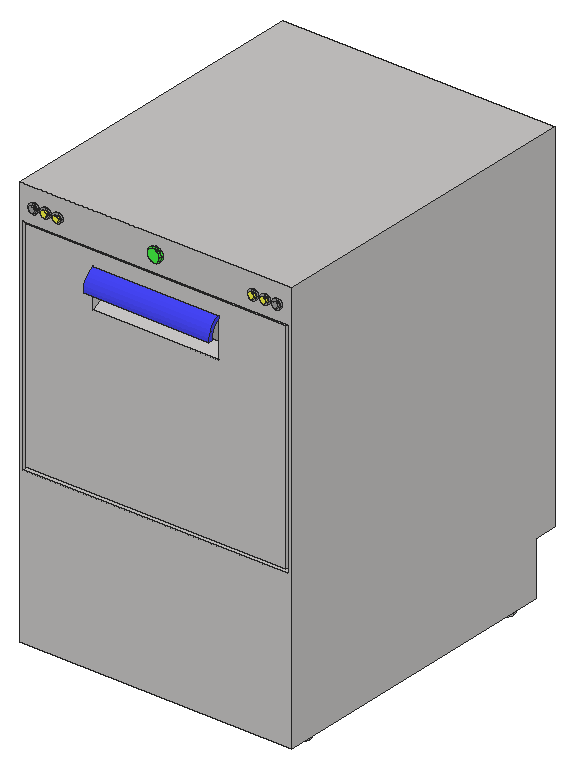
Revit family "QF_ZANUSSI_402290_ESG", category Specialty Equipment, Revit 2018
Family settings
  Round Connector Dimension = Use Diameter
  Part Type = Normal
  Work Plane-Based = No
  Always vertical = Yes
  Cut with Voids When Loaded = No
  Shared = No
  Room Calculation Point = No
Parameters (values of type "Standard")
  Weight = 38.00 kg
  Watts = 250.838 W
  Volts = 220 V
  URL Manufacturer = "http://professional.electrolux.com"
  URL = "http://professional.electrolux.com"
  Steam Supply Size = 0 mm
  Steam Supply Minimum Pressure = 0.0 Pa
  Steam Supply Maximum Pressure = 0.0 Pa
  Steam Pounds per Hour = 0
  Show Logo [instance] = yes
  Show Clearance [instance] = yes
  Refrigeration Suction Line Size = 0 mm
  Refrigeration Liquid Line Size = 0 mm
  Refrigerant Compressor Remote = yes
  Manufacturer = "Electrolux Professional"
  Phase = 1
  Model = "ESG"
  Length Actual = 455 mm  # constant formula
  Item Number = "402290"
  Hot Water Size = 0 mm
  Height Actual = 700 mm  # constant formula
  HP = "3.6 HP"
  Gas Size = 0 mm
  Gas KW = 0
  Gas Input Pressure = 0 W
  Description = "GLASSWASHER(S), SINGLE SKIN, DRAIN PUMP, DETERGENT DISPENSER, 30B/H"
  Depth Actual = 550 mm  # constant formula
  Cycle = 50 Hz
  Condensate Return Size = 0 mm
  Compressed Air Volume = 0.0 L/s
  Compressed Air Size = 0 mm
  Compressed Air Pressure = 0.0 Pa
  Cold Water Size = 19.05 mm
  Accessory = yes
Types (2, lengths in mm): name | URL | Manufacturer | Phase | Model | Description | Cold Water Size
  (no name) | "http://professional.electrolux.com/" | 0 | 0 | 0 | 0 | 0
  Standard | "http://professional.electrolux.com" | "Electrolux Professional" | 1 | "ESG" | "GLASSWASHER(S), SINGLE SKIN, DRAIN PUMP, DETERGENT DISPENSER, 30B/H" | 19.05
Values of the unnamed type that differ from the named types
  Watts = 0 W
  Volts = 0 V
  URL Manufacturer = ""
  Item Number = ""
  HP = ""
  Cycle = 0 Hz
Reference planes
  plane 1 "Center (Front/Back)": y = 0
  plane 2: z = 0
  plane 3 "Center (Left/Right)": x = 0
  plane 4 "LEFT": x = -227.5
  plane 5 "RIGHT": x = 227.5
  plane 6 "FRONT": y = -275
  plane 7 "BACK": y = 275
  plane 8: z = 700
  plane 9: z = 10
  plane 10: y = 236
Forms (mm)
  Extrusion 1, solid, material "QF_Finishes_Stainless Steel"
    sketch origin (0, 0, 0) x (1, 0, 0) y (0, 1, 0)
      loop
        line (-227.5, -275) -> (227.5, -275) -> (227.5, 236) -> (-227.5, 236) -> (-227.5, -275)
    from 10 to 700
  Extrusion 2, solid, material "QF_Finishes_Stainless Steel"
    sketch origin (0, 0, 0) x (1, 0, 0) y (0, 1, 0)
      loop
        line (-227.5, 236) -> (227.5, 236) -> (227.5, 275) -> (-227.5, 275) -> (-227.5, 236)
    from 100 to 700
  Extrusion 3, solid, material "QF_Finishes_Stainless Steel"
    sketch origin (0, 0, 0) x (1, 0, 0) y (0, 1, 0)
      loop
        circle (-208, 198) r 12.5
      loop
        circle (208, 198) r 12.5
      loop
        circle (-208, -228) r 12.5
      loop
        circle (208, -228) r 12.5
    from 0 to 10
  Extrusion 4, void
    sketch origin (-227.5, -275, 0) x (-1, 0, 0) y (0, 0, 1)
      loop
        line (-5, 643.217) -> (-450, 643.217) -> (-450, 270) -> (-5, 270) -> (-5, 643.217)
    from 0 to 30
  Extrusion 5, solid, material "QF_Finishes_Stainless Steel"
    sketch origin (-212, -392, 752) x (0, 0, -1) y (1, 0, 0)
      loop
        circle (693, 215.5) r 10
    from -628 to -667
  Extrusion 6, solid, material "QF_Door-Drawer Clearances", visible <- "Show Clearance", detail levels coarse
    sketch origin (-230, -282.5, 0) x (0, 1, 0) y (0, 0, -1)
      loop
        line (7.5, -275) -> (-335.5, -275)
        arc (-335.5, -275) -> (-241.325, -530.164) -> (7.5, -640) r 348.592
        line (7.5, -640) -> (7.5, -275)
    from -11.656 to -447.5
  Extrusion 7, solid, material "QF_Finishes_Stainless Steel"
    sketch origin (-432.481, -392, 722) x (0, 0, -1) y (1, 0, 0)
      loop
        circle (663, 324.981) r 8
    from -628 to -667
  Extrusion 8, solid, material "QF_Finishes_Stainless Steel"
    sketch origin (-230, -282.5, 0) x (0, 1, 0) y (0, 0, -1)
      loop
        line (7.5, -275) -> (7.5, -640) -> (32.5, -640) -> (32.5, -275) -> (7.5, -275)
    from -11.656 to -447.5
  Extrusion 9, solid, material "QF_Finishes_Stainless Steel"
    sketch origin (-268, -392, 682.5) x (0, 0, -1) y (1, 0, 0)
      loop
        circle (663, 230.5) r 8
    from -628 to -667
  Extrusion 10, solid, material "QF_Finishes_Green"
    sketch origin (-230, -275, 0) x (1, 0, 0) y (0, 0, 1)
      loop
        circle (230, 670.819) r 12
      loop
        circle (230, 670.819) r 10
    from 0 to 2.5
  Extrusion 11, void
    sketch origin (-225.452, 209.5, 42.5) x (0, 1, 0) y (0, 0, 1)
      loop
        line (-484.5, 568.217) -> (-484.5, 507.5) -> (-462.849, 520) -> (-484.5, 568.217)
    from 120.452 to 330.452
  Extrusion 12, solid, material "QF_Finishes_Blue"
    sketch origin (-227.5, 236, 0) x (0, -1, 0) y (0, 0, 1)
      loop
        line (511, 615.863) -> (511, 610.513)
        arc (511, 610.513) -> (522.966, 599.801) -> (525.861, 584.005) r 24.803
        line (525.861, 584.005) -> (530.907, 584.005)
        arc (530.907, 584.005) -> (526.605, 603.465) -> (511, 615.863) r 29.803
    from -332.5 to -122.5
  Extrusion 13, solid, material "QF_Finishes_Green"
    sketch origin (234, -275, -28.75) x (-1, 0, 0) y (0, 0, -1)
      loop
        circle (234, -699.569) r 10
    from 0 to 5
  Extrusion 14, solid, material "QF_Finishes_Gray"
    sketch origin (103.327, -275, -30.575) x (-1, 0, 0) y (0, 0, -1)
      loop
        circle (306.936, -698.972) r 5
    from 0 to 5
  Extrusion 15, solid, material "QF_Finishes_Gray"
    sketch origin (79.327, -275, -34.95) x (-1, 0, 0) y (0, 0, -1)
      loop
        circle (262.936, -703.347) r 8
      loop
        circle (262.936, -703.347) r 5
      loop
        circle (242.936, -703.347) r 8
      loop
        circle (242.936, -703.347) r 5
      loop
        circle (282.936, -703.347) r 8
      loop
        circle (282.936, -703.347) r 5
    from 0 to 2.5
  Extrusion 16, solid, material "QF_Finishes_Yellow"
    sketch origin (123.327, -275, -30.575) x (-1, 0, 0) y (0, 0, -1)
      loop
        circle (306.936, -698.972) r 5
    from 0 to 5
  Extrusion 17, solid, material "QF_Finishes_Yellow"
    sketch origin (143.327, -275, -30.575) x (-1, 0, 0) y (0, 0, -1)
      loop
        circle (306.936, -698.972) r 5
    from 0 to 5
  Extrusion 18, solid, material "QF_Finishes_Gray"
    sketch origin (-103.327, -275, -30.575) x (1, 0, 0) y (0, 0, 1)
      loop
        circle (306.936, 698.972) r 5
    from 0 to 5
  Extrusion 19, solid, material "QF_Finishes_Gray"
    sketch origin (-79.327, -275, -34.95) x (1, 0, 0) y (0, 0, 1)
      loop
        circle (262.936, 703.347) r 8
      loop
        circle (262.936, 703.347) r 5
      loop
        circle (242.936, 703.347) r 8
      loop
        circle (242.936, 703.347) r 5
      loop
        circle (282.936, 703.347) r 8
      loop
        circle (282.936, 703.347) r 5
    from 0 to 2.5
  Extrusion 20, solid, material "QF_Finishes_Yellow"
    sketch origin (-123.327, -275, -30.575) x (1, 0, 0) y (0, 0, 1)
      loop
        circle (306.936, 698.972) r 5
    from 0 to 5
  Extrusion 21, solid, material "QF_Finishes_Yellow"
    sketch origin (-143.327, -275, -30.575) x (1, 0, 0) y (0, 0, 1)
      loop
        circle (306.936, 698.972) r 5
    from 0 to 5
  Extrusion 22, solid, material "QF_Finishes_Yellow"
    sketch origin (-143.327, -275, -30.575) x (1, 0, 0) y (0, 0, 1)
      loop
        circle (306.936, 698.972) r 5
    from 0 to 5
Cuts and joins
  Extrusion 4 cuts Extrusion 1
  joined: Extrusion 1, Extrusion 2
  Extrusion 11 cuts Extrusion 8
Lines and regions (mm)
  Split face 1
    outline origin (-227.5, -275, 700) x (0, 0, -1) y (1, 0, 0)
      loop
        line (56.783, 5) -> (56.783, 0)
      loop
        line (56.783, 450) -> (56.783, 455)
      loop
        line (22.034, 455) -> (22.034, 384.297)
        arc (22.034, 384.297) -> (22.64, 381.25) -> (24.366, 378.667) r 7.962
        line (24.366, 378.667) -> (44.289, 358.744)
        arc (44.289, 358.744) -> (46.135, 355.982) -> (46.783, 352.723) r 8.515
        line (46.783, 352.723) -> (46.783, 246.977)
        arc (46.783, 246.977) -> (46.096, 245.319) -> (44.439, 244.633) r 2.344
        line (44.439, 244.633) -> (15.017, 244.633)
        arc (15.017, 244.633) -> (12.73, 243.685) -> (11.783, 241.398) r 3.234
        line (11.783, 241.398) -> (11.783, 227.133) -> (11.783, 212.867)
        arc (11.783, 212.867) -> (12.73, 210.58) -> (15.017, 209.633) r 3.234
        line (15.017, 209.633) -> (44.439, 209.633)
        arc (44.439, 209.633) -> (46.096, 208.946) -> (46.783, 207.289) r 2.344
        line (46.783, 207.289) -> (46.783, 102.277)
        arc (46.783, 102.277) -> (46.135, 99.018) -> (44.289, 96.256) r 8.515
        line (44.289, 96.256) -> (24.366, 76.333)
        arc (24.366, 76.333) -> (22.64, 73.75) -> (22.034, 70.703) r 7.962
        line (22.034, 70.703) -> (22.034, 0)
  symbolic lines
    curve 1: line (-227.5, 275, 0) -> (227.5, 275, 0)
    curve 2: line (-227.5, -275, 0) -> (-227.5, 275, 0)
    curve 3: line (227.5, -275, 0) -> (-227.5, -275, 0)
    curve 4: line (227.5, 275, 0) -> (227.5, -275, 0)
    curve 8: line (-12, -277.5, 0) -> (12, -277.5, 0)
    curve 9: line (12, -277.5, 0) -> (12, -275, 0)
    curve 10: line (-12, -277.5, 0) -> (-12, -275, 0)
    curve 11: line (-10, -280, 0) -> (10, -280, 0)
    curve 12: line (10, -280, 0) -> (10, -277.5, 0)
    curve 13: line (-10, -280, 0) -> (-10, -277.5, 0)
    curve 16: line (-211.6, -277.5, 0) -> (-211.6, -275, 0)
    curve 17: line (-195.609, -277.5, 0) -> (-195.609, -275, 0)
    curve 18: line (-208.587, -280, 0) -> (-198.596, -280, 0)
    curve 19: line (-198.596, -280, 0) -> (-198.596, -277.5, 0)
    curve 20: line (-208.587, -280, 0) -> (-208.587, -277.5, 0)
    curve 21: line (-191.596, -277.5, 0) -> (-175.596, -277.5, 0)
    curve 22: line (-175.596, -277.5, 0) -> (-175.596, -275, 0)
    curve 23: line (-191.596, -277.5, 0) -> (-191.596, -275, 0)
    curve 24: line (-188.596, -280, 0) -> (-178.596, -280, 0)
    curve 25: line (-178.596, -280, 0) -> (-178.596, -277.5, 0)
    curve 26: line (-188.596, -280, 0) -> (-188.596, -277.5, 0)
    curve 27: line (-171.596, -277.5, 0) -> (-155.596, -277.5, 0)
    curve 28: line (-155.596, -277.5, 0) -> (-155.596, -275, 0)
    curve 29: line (-171.596, -277.5, 0) -> (-171.596, -275, 0)
    curve 30: line (-168.596, -280, 0) -> (-158.596, -280, 0)
    curve 31: line (-158.596, -280, 0) -> (-158.596, -277.5, 0)
    curve 32: line (-168.596, -280, 0) -> (-168.596, -277.5, 0)
    curve 33: line (175.609, -277.5, 0) -> (191.609, -277.5, 0)
    curve 34: line (191.609, -277.5, 0) -> (191.609, -275, 0)
    curve 35: line (178.609, -280, 0) -> (188.609, -280, 0)
    curve 36: line (188.609, -280, 0) -> (188.609, -277.5, 0)
    curve 37: line (178.609, -280, 0) -> (178.609, -277.5, 0)
    curve 38: line (175.609, -277.5, 0) -> (175.609, -275, 0)
    curve 39: line (195.609, -277.5, 0) -> (211.609, -277.5, 0)
    curve 40: line (211.609, -277.5, 0) -> (211.609, -275, 0)
    curve 41: line (198.609, -280, 0) -> (208.609, -280, 0)
    curve 42: line (208.609, -280, 0) -> (208.609, -277.5, 0)
    curve 43: line (198.609, -280, 0) -> (198.609, -277.5, 0)
    curve 44: line (195.609, -277.5, 0) -> (195.609, -275, 0)
    curve 45: line (-112.5, -275, 0) -> (-112.5, -295.134, 0)
    curve 46: line (112.5, -275, 0) -> (112.5, -295.134, 0)
    curve 47: line (112.5, -295.134, 0) -> (-112.5, -295.134, 0)
    curve 48: line (155.609, -277.5, 0) -> (171.609, -277.5, 0)
    curve 49: line (171.609, -277.5, 0) -> (171.609, -275, 0)
    curve 50: line (158.609, -280, 0) -> (168.609, -280, 0)
    curve 51: line (168.609, -280, 0) -> (168.609, -277.5, 0)
    curve 52: line (158.609, -280, 0) -> (158.609, -277.5, 0)
    curve 53: line (155.609, -277.5, 0) -> (155.609, -275, 0)
  symbolic lines, style "QF_Door-Drawer Clearances"
    curve 5: line (-217.5, -618, 0) -> (217.5, -618, 0)
    curve 6: line (217.5, -618, 0) -> (217.5, -275, 0)
    curve 7: line (-217.5, -618, 0) -> (-217.5, -275, 0)
  symbolic lines, style "SpecialityEquipmentHiddenLines"
    curve 14: line (-227.5, 236, 0) -> (227.5, 236, 0)
  symbolic lines, style "SpecialityEquipment"
    curve 15: line (-211.6, -277.5, 0) -> (-195.609, -277.5, 0)
Dimensions and locks
  equal spacing: plane 4 "LEFT", plane 3 "Center (Left/Right)", plane 5 "RIGHT"
  equal spacing: plane 7 "BACK", plane 1 "Center (Front/Back)", plane 6 "FRONT"
  plane 7 "BACK" to plane 6 "FRONT" = 550 mm
  plane 4 "LEFT" to plane 5 "RIGHT" = 455 mm
  locked: plane 9 to level at 10
  plane 4 "LEFT" to plane 3 "Center (Left/Right)" = 227.5 mm
  plane 8 to level = 700 mm  (x2)
  level to Extrusion 9 sketch curve = 19.5 mm
  Extrusion 9 sketch curve to plane 4 "LEFT" = 190 mm
  level to Extrusion 5 sketch curve = 59 mm
  Extrusion 5 sketch curve to plane 4 "LEFT" = 231 mm
  Extrusion 7 sketch curve to plane 4 "LEFT" = 120 mm
  level to Extrusion 7 sketch curve = 59 mm
  Extrusion 3 to cut or joined group of Extrusion 1, Extrusion 2, Extrusion 4 = 77 mm
  Extrusion 3 to Extrusion 3 = 426 mm
  plane 6 "FRONT" to Extrusion 3 = 47 mm
  plane 1 "Center (Front/Back)" to plane 6 "FRONT" = 275 mm
  locked: plane 7 "BACK" to plane 10 at 39
  plane 6 "FRONT" to curve 5 = 343 mm
  Extrusion 8 to cut or joined group of Extrusion 1, Extrusion 2, Extrusion 4 = 370 mm
  aligned and locked: level to plane 2
  aligned and locked: Extrusion 1 sketch curve to plane 6 "FRONT"
  aligned and locked: Extrusion 1 sketch curve to plane 4 "LEFT"
  aligned and locked: plane 5 "RIGHT" to Extrusion 1 sketch curve
  aligned and locked: Extrusion 1 to plane 9
  aligned and locked: Extrusion 2 sketch curve to Extrusion 1
  aligned and locked: plane 7 "BACK" to Extrusion 2 sketch curve
  aligned and locked: plane 5 "RIGHT" to Extrusion 2 sketch curve
  aligned and locked: plane 9 to Extrusion 3
  aligned and locked: cut or joined group of Extrusion 1, Extrusion 2, Extrusion 4 to plane 10
Automatic sketch dimensions
  curve 1 to plane 4 "LEFT" = 0 mm
  curve 7 to plane 6 "FRONT" = 0 mm
  curve 4 to plane 5 "RIGHT" = 0 mm
  curve 14 to plane 10 = 0 mm
  curve 2 to plane 7 "BACK" = 0 mm
  plane 4 "LEFT" to curve 5 = 10 mm
  curve 15 to plane 6 "FRONT" = 2.5 mm
  curve 7 to curve 15 = 5.9 mm
  curve 15 to curve 20 = 3.013 mm
  curve 18 to curve 19 = 9.991 mm
  curve 19 to curve 17 = 2.987 mm
  curve 15 to curve 23 = 4.013 mm
  curve 21 to curve 24 = 3 mm
  curve 25 to plane 6 "FRONT" = 5 mm
  curve 24 to curve 25 = 10 mm
  curve 25 to curve 22 = 3 mm
  curve 21 to curve 27 = 4 mm
  curve 27 to curve 30 = 3 mm
  curve 31 to plane 6 "FRONT" = 5 mm
  curve 30 to curve 31 = 10 mm
  curve 31 to curve 27 = 3 mm
  curve 45 to plane 6 "FRONT" = 20.134 mm
  curve 27 to curve 45 = 43.096 mm
  curve 8 to plane 6 "FRONT" = 2.5 mm
  curve 8 to plane 3 "Center (Left/Right)" = 12 mm
  curve 8 to curve 11 = 2 mm
  plane 3 "Center (Left/Right)" to curve 11 = 10 mm
  curve 12 to curve 8 = 2 mm
  curve 8 to curve 47 = 100.5 mm
  curve 53 to plane 6 "FRONT" = 2.5 mm
  curve 46 to curve 53 = 43.109 mm
  curve 48 to curve 52 = 3 mm
  curve 51 to plane 6 "FRONT" = 5 mm
  curve 50 to curve 51 = 10 mm
  curve 51 to curve 48 = 3 mm
  curve 48 to curve 38 = 4 mm
  curve 33 to curve 37 = 3 mm
  curve 35 to plane 6 "FRONT" = 5 mm
  curve 35 to curve 35 = 10 mm
  curve 36 to curve 34 = 3 mm
  curve 33 to curve 44 = 4 mm
  curve 39 to curve 41 = 3 mm
  curve 41 to plane 6 "FRONT" = 5 mm
  curve 41 to curve 41 = 10 mm
  curve 42 to curve 40 = 3 mm
  curve 6 to plane 5 "RIGHT" = 10 mm
  curve 11 to curve 13 = 2.5 mm
  curve 20 to curve 20 = 2.5 mm
  curve 21 to plane 6 "FRONT" = 2.5 mm
  curve 27 to plane 6 "FRONT" = 2.5 mm
  curve 44 to plane 6 "FRONT" = 2.5 mm
  curve 33 to plane 6 "FRONT" = 2.5 mm
  Extrusion 1 sketch curve to plane 10 = 0 mm
  Extrusion 2 sketch curve to plane 10 = 0 mm
  plane 4 "LEFT" to Extrusion 3 sketch curve = 19.5 mm  (x2)
  Extrusion 3 sketch curve to plane 5 "RIGHT" = 19.5 mm  (x2)
  plane 6 "FRONT" to Extrusion 3 sketch curve = 47 mm  (x2)
  Extrusion 3 sketch curve to plane 10 = 38 mm  (x2)
  Extrusion 4 sketch curve to Extrusion 1 = 5 mm  (x2)
  Extrusion 4 sketch curve to Extrusion 1 = 260 mm
  Extrusion 4 sketch curve to Extrusion 1 = 56.783 mm
  Extrusion 6 sketch curve to plane 6 "FRONT" = 0 mm
  Extrusion 6 sketch curve to plane 6 "FRONT" = 343 mm
  plane 6 "FRONT" to Extrusion 6 sketch curve = 5.204 mm
  Extrusion 6 sketch curve to plane 8 = 60 mm
  level to Extrusion 6 sketch curve = 291.447 mm
  Extrusion 8 sketch curve to plane 6 "FRONT" = 0 mm
  Extrusion 8 sketch curve to Extrusion 8 sketch curve = 25 mm
  Extrusion 8 sketch curve to plane 8 = 60 mm
  plane 9 to Extrusion 8 sketch curve = 265 mm
  Extrusion 10 sketch curve to Extrusion 10 sketch curve = 0 mm  (x2)
  Extrusion 1 to Extrusion 10 sketch curve = 29.181 mm
  Extrusion 1 to Extrusion 10 sketch curve = 227.5 mm
  Extrusion 11 sketch curve to plane 6 "FRONT" = 0 mm
  plane 6 "FRONT" to Extrusion 11 sketch curve = 21.651 mm
  Extrusion 11 sketch curve to plane 8 = 150 mm
  Extrusion 11 sketch curve to Extrusion 11 sketch curve = 12.5 mm
  Extrusion 11 sketch curve to Extrusion 11 sketch curve = 48.217 mm
  Extrusion 12 sketch curve to Extrusion 12 sketch curve = 0 mm  (x2)
  Extrusion 12 sketch curve to Extrusion 1 = 0 mm
  Extrusion 12 sketch curve to Extrusion 1 = 9.669 mm
  Extrusion 1 to Extrusion 12 sketch curve = 14.861 mm
  Extrusion 12 sketch curve to Extrusion 12 sketch curve = 5.046 mm
  Extrusion 1 to Extrusion 12 sketch curve = 115.995 mm
  Extrusion 12 sketch curve to Extrusion 12 sketch curve = 3.668 mm
  cut or joined group of Extrusion 1, Extrusion 2, Extrusion 4 to Split face 1 sketch curve = 0 mm  (x2)
  Split face 1 sketch curve to cut or joined group of Extrusion 1, Extrusion 2, Extrusion 4 = 0 mm  (x6)
  cut or joined group of Extrusion 1, Extrusion 2, Extrusion 4 to Split face 1 sketch curve = 10 mm  (x2)
  Split face 1 sketch curve to Split face 1 sketch curve = 2.344 mm  (x2)
  Split face 1 sketch curve to Split face 1 sketch curve = 2.494 mm  (x2)
  Split face 1 sketch curve to Split face 1 sketch curve = 8.515 mm  (x2)
  cut or joined group of Extrusion 1, Extrusion 2, Extrusion 4 to Split face 1 sketch curve = 26.786 mm  (x2)
  Split face 1 sketch curve to Split face 1 sketch curve = 5.63 mm  (x2)
  Split face 1 sketch curve to Split face 1 sketch curve = 2.332 mm  (x2)
  Split face 1 sketch curve to cut or joined group of Extrusion 1, Extrusion 2, Extrusion 4 = 15.017 mm  (x2)
  Split face 1 sketch curve to cut or joined group of Extrusion 1, Extrusion 2, Extrusion 4 = 11.783 mm
  Split face 1 sketch curve to cut or joined group of Extrusion 1, Extrusion 2, Extrusion 4 = 65.703 mm
  Split face 1 sketch curve to Split face 1 sketch curve = 19.923 mm  (x2)
  Split face 1 sketch curve to Split face 1 sketch curve = 105.012 mm
  Split face 1 sketch curve to Split face 1 sketch curve = 14.266 mm  (x2)
  Split face 1 sketch curve to cut or joined group of Extrusion 1, Extrusion 2, Extrusion 4 = 97.277 mm
  Extrusion 13 sketch curve to Extrusion 13 sketch curve = 0 mm  (x2)
  Extrusion 13 sketch curve to plane 3 "Center (Left/Right)" = 0 mm
  Extrusion 13 sketch curve to plane 8 = 29.181 mm
  plane 3 "Center (Left/Right)" to Extrusion 13 sketch curve = 10 mm
  Extrusion 14 sketch curve to Extrusion 14 sketch curve = 0 mm  (x2)
  plane 4 "LEFT" to Extrusion 14 sketch curve = 23.891 mm
  Extrusion 14 sketch curve to plane 8 = 31.603 mm
  Extrusion 14 sketch curve to Extrusion 14 sketch curve = 5 mm
  Extrusion 15 sketch curve to Extrusion 15 sketch curve = 0 mm  (x8)
  Extrusion 15 sketch curve to plane 8 = 31.603 mm
  plane 4 "LEFT" to Extrusion 15 sketch curve = 63.891 mm
  Extrusion 15 sketch curve to Extrusion 15 sketch curve = 20 mm  (x2)
  Extrusion 16 sketch curve to Extrusion 16 sketch curve = 0 mm  (x2)
  plane 4 "LEFT" to Extrusion 16 sketch curve = 43.891 mm
  Extrusion 16 sketch curve to plane 8 = 31.603 mm
  Extrusion 16 sketch curve to Extrusion 16 sketch curve = 5 mm
  Extrusion 17 sketch curve to Extrusion 17 sketch curve = 0 mm  (x2)
  Extrusion 17 sketch curve to plane 8 = 31.603 mm
  plane 4 "LEFT" to Extrusion 17 sketch curve = 63.891 mm
  Extrusion 17 sketch curve to Extrusion 17 sketch curve = 5 mm
  Extrusion 18 sketch curve to Extrusion 18 sketch curve = 0 mm  (x2)
  Extrusion 18 sketch curve to plane 5 "RIGHT" = 23.891 mm
  Extrusion 18 sketch curve to plane 8 = 31.603 mm
  Extrusion 18 sketch curve to Extrusion 18 sketch curve = 5 mm
  Extrusion 19 sketch curve to Extrusion 19 sketch curve = 0 mm  (x8)
  Extrusion 19 sketch curve to plane 8 = 31.603 mm
  Extrusion 19 sketch curve to plane 5 "RIGHT" = 63.891 mm
  Extrusion 19 sketch curve to Extrusion 19 sketch curve = 20 mm  (x2)
  Extrusion 20 sketch curve to Extrusion 20 sketch curve = 0 mm  (x2)
  Extrusion 20 sketch curve to plane 5 "RIGHT" = 43.891 mm
  Extrusion 20 sketch curve to plane 8 = 31.603 mm
  Extrusion 20 sketch curve to Extrusion 20 sketch curve = 5 mm
  Extrusion 21 sketch curve to Extrusion 21 sketch curve = 0 mm  (x2)
  Extrusion 21 sketch curve to plane 8 = 31.603 mm
  Extrusion 21 sketch curve to plane 5 "RIGHT" = 63.891 mm
  Extrusion 21 sketch curve to Extrusion 21 sketch curve = 5 mm
  Extrusion 22 sketch curve to Extrusion 22 sketch curve = 0 mm  (x2)
  Extrusion 22 sketch curve to plane 8 = 31.603 mm
  Extrusion 22 sketch curve to plane 5 "RIGHT" = 63.891 mm
  Extrusion 22 sketch curve to Extrusion 22 sketch curve = 5 mm
  radius of Extrusion 3 sketch curve = 12.5 mm  (x4)
  radius of Extrusion 5 sketch curve = 10 mm
  radius of Extrusion 7 sketch curve = 8 mm
  radius of Extrusion 9 sketch curve = 8 mm
  radius of Extrusion 10 sketch curve = 12 mm
  radius of Extrusion 10 sketch curve = 10 mm
  radius of Extrusion 15 sketch curve = 8 mm  (x3)
  radius of Extrusion 15 sketch curve = 5 mm  (x3)
  radius of Extrusion 19 sketch curve = 8 mm  (x3)
  radius of Extrusion 19 sketch curve = 5 mm  (x3)
Connectors
  piping at (3.5, 275, 59), diameter 20
    settings: on Extrusion 5, index 1, connector inside diameter 609.6 mm, connector length 0 mm, flow factor 0, pipe flow 0.0 L/s, pressure drop 0.0 Pa, fitting loss kfactor 0, connector angle 0.00°, fixture units 0, engagement length 0 mm, angle of deflection 0.00°, flow configuration 1, flow direction 1, fitting loss method 0, system type 16, joint type 0, gender type 0, connector reference index -1, connector utility 0, adjustable connector no, is connector primary yes, connector description "Drain"
  piping at (-107.5, 275, 59), diameter 19.05, driven by "Cold Water Size"
    settings: on Extrusion 7, index 3, connector inside diameter 609.6 mm, connector length 0 mm, flow factor 0, pipe flow 0.0 L/s, pressure drop 0.0 Pa, fitting loss kfactor 0, connector angle 0.00°, fixture units 0, engagement length 0 mm, angle of deflection 0.00°, flow configuration 1, flow direction 1, fitting loss method 0, system type 20, joint type 0, gender type 0, connector reference index -1, connector utility 0, adjustable connector no, is connector primary no, connector description "Cold Water Inlet"
  electrical at (-37.5, 275, 19.5), driven by "Volts"
    settings: on Extrusion 9, index 4, voltage 220 V, apparent load 0 VA, apparent load phase1 0 VA, apparent load phase2 0 VA, apparent load phase3 0 VA, power factor 1, load classification "Altro", number of poles 1, system type 31, power factor state 1, is connector primary yes, connector utility no, sub classification motor no, connector description "Electrical Connection"
